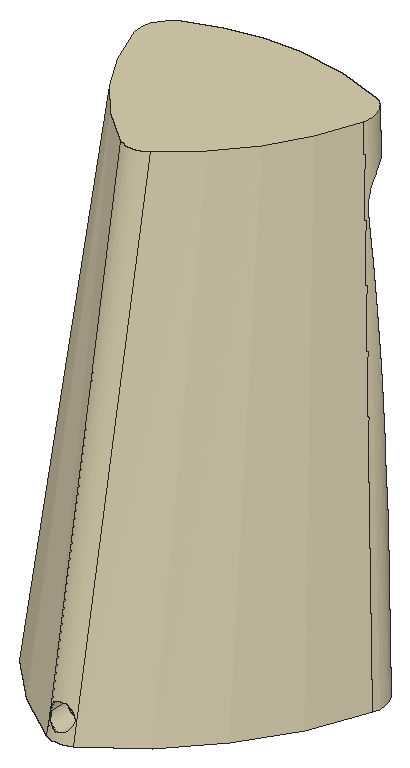
Revit family "FG77435-SUP473283-Polished Nickel", category Plumbing Fixtures, Revit 2013
Parameters (values of type "FG77435-SUP473283-Polished Nickel")
  URL = "www.deltafaucet.com"
  Model = "FG77435"  # constant formula
  Manufacturer = "Delta"  # constant formula
  Finish = Polished Nickel
  Description = "FG77435-SUP473283-Polished Nickel"
Reference planes (in)
  plane 1 "Center (Front/Back)": y = 0
  plane 2: z = 0
  plane 3 "Center (Left/Right)": x = 0
Forms (in)
  Blend 1, solid, material "Polished Nickel" <- "Finish"
    base sketch origin (0, 0, 0) x (1, 0, 0) y (0, 1, 0)
      loop
        arc (-1.13901, 0.39583) -> (-0.73768, -0.37638) -> (-0.08485, -0.95188) r 2.37206
        arc (-0.08485, -0.95188) -> (0.01172, -0.97851) -> (0.10829, -0.95188) r 0.18845
        arc (0.10829, -0.95188) -> (0.76033, -0.37739) -> (1.1617, 0.39337) r 2.37206
        arc (1.1617, 0.39337) -> (1.12679, 0.5958) -> (0.94334, 0.68822) r 0.22828
        line (0.94334, 0.68822) -> (-0.92222, 0.68822)
        arc (-0.92222, 0.68822) -> (-1.10422, 0.59659) -> (-1.13901, 0.39583) r 0.22656
    top sketch origin (0, 0, 0) x (1, 0, 0) y (0, 1, 0)
      loop
        arc (-0.68134, 0.9895) -> (-0.79067, 0.88368) -> (-0.80249, 0.73198) r 0.21484
        arc (-0.80249, 0.73198) -> (-0.53221, 0.16885) -> (-0.09553, -0.2778) r 1.92094
        arc (-0.09553, -0.2778) -> (0.01172, -0.31294) -> (0.11896, -0.2778) r 0.1812
        arc (0.11896, -0.2778) -> (0.55507, 0.16803) -> (0.82537, 0.73007) r 1.92094
        arc (0.82537, 0.73007) -> (0.81395, 0.8806) -> (0.7059, 0.98602) r 0.21372
        arc (0.7059, 0.98602) -> (0.01264, 1.13185) -> (-0.68134, 0.9895) r 1.74151
    from 0 to 3.5
  Extrusion 2, void
    sketch origin (0, 0, 0) x (0, 1, 0) y (0, 0, 1)
      loop
        line (0.69622, 2.9585) -> (0.69622, 0) -> (1.50738, 0) -> (1.50738, 3.65302) -> (1.13155, 3.65302) -> (1.13155, 3.45898)
        arc (1.13155, 3.45898) -> (1.08099, 3.30295) -> (0.93631, 3.22571) r 0.21915
        arc (0.93631, 3.22571) -> (0.76506, 3.13811) -> (0.69622, 2.9585) r 0.26874
    from -1.38685 to 1.30281
  Extrusion 3, void
    sketch origin (0, 0, 0) x (1, 0, 0) y (0, 0, 1)
      loop
        circle (0.00927, 0.15099) r 0.09033
    from 0.77678 to 1.04397
Cuts and joins
  Extrusion 2, Extrusion 3 cuts Blend 1
